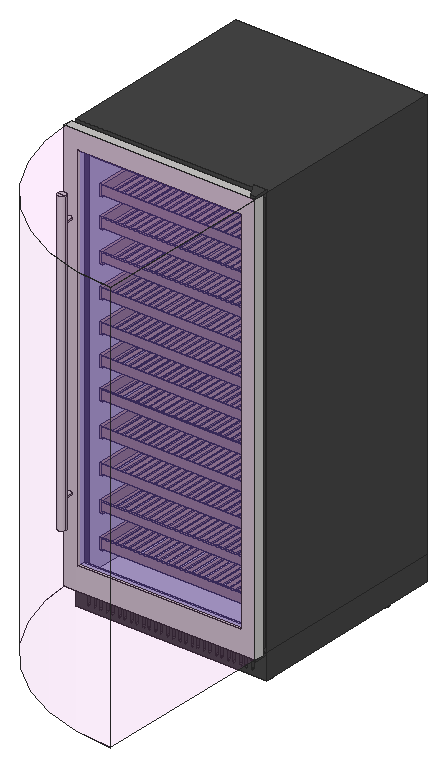
Revit family "QF_Summit_SWC1127B_Bottle_Wine_Cellar_For_Built_In", category Specialty Equipment, Revit 2020 (continued)
Definition of nested family "SWC1127B"
  Forms (in)
    Extrusion 177, solid
      sketch origin (-7.74463, -23.24324, 48) x (1, 0, 0) y (0, 0, 1)
        loop
          line (20.08575, -8.54897) -> (20.58575, -8.54897) -> (20.58575, -8.47614) -> (20.08575, -8.47614) -> (20.08575, -8.54897)
      from 0 to -13.34766
    Extrusion 178, solid
      sketch origin (-7.74463, -23.24324, 48) x (1, 0, 0) y (0, 0, 1)
        loop
          line (20.08575, -12.48647) -> (20.58575, -12.48647) -> (20.58575, -12.41364) -> (20.08575, -12.41364) -> (20.08575, -12.48647)
      from 0 to -13.34766
    Extrusion 179, solid
      sketch origin (-7.74463, -23.24324, 48) x (1, 0, 0) y (0, 0, 1)
        loop
          line (20.08575, -16.36235) -> (20.58575, -16.36235) -> (20.58575, -16.28951) -> (20.08575, -16.28951) -> (20.08575, -16.36235)
      from 0 to -13.34766
    Extrusion 180, solid
      sketch origin (-7.74463, -23.24324, 48) x (1, 0, 0) y (0, 0, 1)
        loop
          line (20.08575, -20.01838) -> (20.58575, -20.01838) -> (20.58575, -19.94555) -> (20.08575, -19.94555) -> (20.08575, -20.01838)
      from 0 to -13.34766
    Extrusion 181, solid
      sketch origin (-7.74463, -23.24324, 48) x (1, 0, 0) y (0, 0, 1)
        loop
          line (20.08575, -23.76838) -> (20.58575, -23.76838) -> (20.58575, -23.69555) -> (20.08575, -23.69555) -> (20.08575, -23.76838)
      from 0 to -13.34766
    Extrusion 182, solid
      sketch origin (-7.74463, -23.24324, 48) x (1, 0, 0) y (0, 0, 1)
        loop
          line (20.08575, -27.89338) -> (20.58575, -27.89338) -> (20.58575, -27.82055) -> (20.08575, -27.82055) -> (20.08575, -27.89338)
      from 0 to -13.34766
    Extrusion 183, solid
      sketch origin (-7.74463, -23.24324, 48) x (1, 0, 0) y (0, 0, 1)
        loop
          line (20.08575, -32.01838) -> (20.58575, -32.01838) -> (20.58575, -31.94555) -> (20.08575, -31.94555) -> (20.08575, -32.01838)
      from 0 to -13.34766
    Extrusion 184, solid
      sketch origin (-7.74463, -23.24324, 48) x (1, 0, 0) y (0, 0, 1)
        loop
          line (20.08575, -36.14426) -> (20.58575, -36.14426) -> (20.58575, -36.07142) -> (20.08575, -36.07142) -> (20.08575, -36.14426)
      from 0 to -13.34766
    Extrusion 185, solid
      sketch origin (-7.74463, -23.24324, 48) x (1, 0, 0) y (0, 0, 1)
        loop
          line (20.08575, -40.14426) -> (20.58575, -40.14426) -> (20.58575, -40.07142) -> (20.08575, -40.07142) -> (20.08575, -40.14426)
      from 0 to -13.34766
    Extrusion 186, solid
      sketch origin (-6.96268, -23.24324, 48) x (1, 0, 0) y (0, 0, 1)
        loop
          line (20.08575, -4.67397) -> (20.58575, -4.67397) -> (20.58575, -4.60114) -> (20.08575, -4.60114) -> (20.08575, -4.67397)
      from 0 to -13.34917
    Extrusion 187, solid
      sketch origin (-6.96268, -23.24324, 48) x (1, 0, 0) y (0, 0, 1)
        loop
          line (20.08575, -8.54897) -> (20.58575, -8.54897) -> (20.58575, -8.47614) -> (20.08575, -8.47614) -> (20.08575, -8.54897)
      from 0 to -13.34766
    Extrusion 188, solid
      sketch origin (-6.96268, -23.24324, 48) x (1, 0, 0) y (0, 0, 1)
        loop
          line (20.08575, -12.48647) -> (20.58575, -12.48647) -> (20.58575, -12.41364) -> (20.08575, -12.41364) -> (20.08575, -12.48647)
      from 0 to -13.34766
    Extrusion 189, solid
      sketch origin (-6.96268, -23.24324, 48) x (1, 0, 0) y (0, 0, 1)
        loop
          line (20.08575, -16.36235) -> (20.58575, -16.36235) -> (20.58575, -16.28951) -> (20.08575, -16.28951) -> (20.08575, -16.36235)
      from 0 to -13.34766
    Extrusion 190, solid
      sketch origin (-6.96268, -23.24324, 48) x (1, 0, 0) y (0, 0, 1)
        loop
          line (20.08575, -20.01838) -> (20.58575, -20.01838) -> (20.58575, -19.94555) -> (20.08575, -19.94555) -> (20.08575, -20.01838)
      from 0 to -13.34766
    Extrusion 191, solid
      sketch origin (-6.96268, -23.24324, 48) x (1, 0, 0) y (0, 0, 1)
        loop
          line (20.08575, -23.76838) -> (20.58575, -23.76838) -> (20.58575, -23.69555) -> (20.08575, -23.69555) -> (20.08575, -23.76838)
      from 0 to -13.34766
    Extrusion 192, solid
      sketch origin (-6.96268, -23.24324, 48) x (1, 0, 0) y (0, 0, 1)
        loop
          line (20.08575, -27.89338) -> (20.58575, -27.89338) -> (20.58575, -27.82055) -> (20.08575, -27.82055) -> (20.08575, -27.89338)
      from 0 to -13.34766
    Extrusion 193, solid
      sketch origin (-6.96268, -23.24324, 48) x (1, 0, 0) y (0, 0, 1)
        loop
          line (20.08575, -32.01838) -> (20.58575, -32.01838) -> (20.58575, -31.94555) -> (20.08575, -31.94555) -> (20.08575, -32.01838)
      from 0 to -13.34766
    Extrusion 194, solid
      sketch origin (-6.96268, -23.24324, 48) x (1, 0, 0) y (0, 0, 1)
        loop
          line (20.08575, -36.14426) -> (20.58575, -36.14426) -> (20.58575, -36.07142) -> (20.08575, -36.07142) -> (20.08575, -36.14426)
      from 0 to -13.34766
    Extrusion 195, solid
      sketch origin (-6.96268, -23.24324, 48) x (1, 0, 0) y (0, 0, 1)
        loop
          line (20.08575, -40.14426) -> (20.58575, -40.14426) -> (20.58575, -40.07142) -> (20.08575, -40.07142) -> (20.08575, -40.14426)
      from 0 to -13.34766
    Extrusion 196, solid
      sketch origin (-6.18074, -23.24324, 48) x (1, 0, 0) y (0, 0, 1)
        loop
          line (20.08575, -4.67397) -> (20.58575, -4.67397) -> (20.58575, -4.60114) -> (20.08575, -4.60114) -> (20.08575, -4.67397)
      from 0 to -13.34917
    Extrusion 197, solid
      sketch origin (-6.18074, -23.24324, 48) x (1, 0, 0) y (0, 0, 1)
        loop
          line (20.08575, -8.54897) -> (20.58575, -8.54897) -> (20.58575, -8.47614) -> (20.08575, -8.47614) -> (20.08575, -8.54897)
      from 0 to -13.34766
    Extrusion 198, solid
      sketch origin (-6.18074, -23.24324, 48) x (1, 0, 0) y (0, 0, 1)
        loop
          line (20.08575, -12.48647) -> (20.58575, -12.48647) -> (20.58575, -12.41364) -> (20.08575, -12.41364) -> (20.08575, -12.48647)
      from 0 to -13.34766
    Extrusion 199, solid
      sketch origin (-6.18074, -23.24324, 48) x (1, 0, 0) y (0, 0, 1)
        loop
          line (20.08575, -16.36235) -> (20.58575, -16.36235) -> (20.58575, -16.28951) -> (20.08575, -16.28951) -> (20.08575, -16.36235)
      from 0 to -13.34766
    Extrusion 200, solid
      sketch origin (-6.18074, -23.24324, 48) x (1, 0, 0) y (0, 0, 1)
        loop
          line (20.08575, -20.01838) -> (20.58575, -20.01838) -> (20.58575, -19.94555) -> (20.08575, -19.94555) -> (20.08575, -20.01838)
      from 0 to -13.34766
    Extrusion 201, solid
      sketch origin (-6.18074, -23.24324, 48) x (1, 0, 0) y (0, 0, 1)
        loop
          line (20.08575, -23.76838) -> (20.58575, -23.76838) -> (20.58575, -23.69555) -> (20.08575, -23.69555) -> (20.08575, -23.76838)
      from 0 to -13.34766
    Extrusion 202, solid
      sketch origin (-6.18074, -23.24324, 48) x (1, 0, 0) y (0, 0, 1)
        loop
          line (20.08575, -27.89338) -> (20.58575, -27.89338) -> (20.58575, -27.82055) -> (20.08575, -27.82055) -> (20.08575, -27.89338)
      from 0 to -13.34766
    Extrusion 203, solid
      sketch origin (-6.18074, -23.24324, 48) x (1, 0, 0) y (0, 0, 1)
        loop
          line (20.08575, -32.01838) -> (20.58575, -32.01838) -> (20.58575, -31.94555) -> (20.08575, -31.94555) -> (20.08575, -32.01838)
      from 0 to -13.34766
    Extrusion 204, solid
      sketch origin (-6.18074, -23.24324, 48) x (1, 0, 0) y (0, 0, 1)
        loop
          line (20.08575, -36.14426) -> (20.58575, -36.14426) -> (20.58575, -36.07142) -> (20.08575, -36.07142) -> (20.08575, -36.14426)
      from 0 to -13.34766
    Extrusion 205, solid
      sketch origin (-6.18074, -23.24324, 48) x (1, 0, 0) y (0, 0, 1)
        loop
          line (20.08575, -40.14426) -> (20.58575, -40.14426) -> (20.58575, -40.07142) -> (20.08575, -40.07142) -> (20.08575, -40.14426)
      from 0 to -13.34766
    Extrusion 206, solid
      sketch origin (-5.3988, -23.24324, 48) x (1, 0, 0) y (0, 0, 1)
        loop
          line (20.08575, -4.67397) -> (20.58575, -4.67397) -> (20.58575, -4.60114) -> (20.08575, -4.60114) -> (20.08575, -4.67397)
      from 0 to -13.34917
    Extrusion 207, solid
      sketch origin (-5.3988, -23.24324, 48) x (1, 0, 0) y (0, 0, 1)
        loop
          line (20.08575, -8.54897) -> (20.58575, -8.54897) -> (20.58575, -8.47614) -> (20.08575, -8.47614) -> (20.08575, -8.54897)
      from 0 to -13.34766
    Extrusion 208, solid
      sketch origin (-5.3988, -23.24324, 48) x (1, 0, 0) y (0, 0, 1)
        loop
          line (20.08575, -12.48647) -> (20.58575, -12.48647) -> (20.58575, -12.41364) -> (20.08575, -12.41364) -> (20.08575, -12.48647)
      from 0 to -13.34766
    Extrusion 209, solid
      sketch origin (-5.3988, -23.24324, 48) x (1, 0, 0) y (0, 0, 1)
        loop
          line (20.08575, -16.36235) -> (20.58575, -16.36235) -> (20.58575, -16.28951) -> (20.08575, -16.28951) -> (20.08575, -16.36235)
      from 0 to -13.34766
    Extrusion 210, solid
      sketch origin (-5.3988, -23.24324, 48) x (1, 0, 0) y (0, 0, 1)
        loop
          line (20.08575, -20.01838) -> (20.58575, -20.01838) -> (20.58575, -19.94555) -> (20.08575, -19.94555) -> (20.08575, -20.01838)
      from 0 to -13.34766
    Extrusion 211, solid
      sketch origin (-5.3988, -23.24324, 48) x (1, 0, 0) y (0, 0, 1)
        loop
          line (20.08575, -23.76838) -> (20.58575, -23.76838) -> (20.58575, -23.69555) -> (20.08575, -23.69555) -> (20.08575, -23.76838)
      from 0 to -13.34766
    Extrusion 212, solid
      sketch origin (-5.3988, -23.24324, 48) x (1, 0, 0) y (0, 0, 1)
        loop
          line (20.08575, -27.89338) -> (20.58575, -27.89338) -> (20.58575, -27.82055) -> (20.08575, -27.82055) -> (20.08575, -27.89338)
      from 0 to -13.34766
    Extrusion 213, solid
      sketch origin (-5.3988, -23.24324, 48) x (1, 0, 0) y (0, 0, 1)
        loop
          line (20.08575, -32.01838) -> (20.58575, -32.01838) -> (20.58575, -31.94555) -> (20.08575, -31.94555) -> (20.08575, -32.01838)
      from 0 to -13.34766
    Extrusion 214, solid
      sketch origin (-5.3988, -23.24324, 48) x (1, 0, 0) y (0, 0, 1)
        loop
          line (20.08575, -36.14426) -> (20.58575, -36.14426) -> (20.58575, -36.07142) -> (20.08575, -36.07142) -> (20.08575, -36.14426)
      from 0 to -13.34766
    Extrusion 215, solid
      sketch origin (-5.3988, -23.24324, 48) x (1, 0, 0) y (0, 0, 1)
        loop
          line (20.08575, -40.14426) -> (20.58575, -40.14426) -> (20.58575, -40.07142) -> (20.08575, -40.07142) -> (20.08575, -40.14426)
      from 0 to -13.34766
    Extrusion 216, solid
      sketch origin (-4.61685, -23.24324, 48) x (1, 0, 0) y (0, 0, 1)
        loop
          line (20.08575, -4.67397) -> (20.58575, -4.67397) -> (20.58575, -4.60114) -> (20.08575, -4.60114) -> (20.08575, -4.67397)
      from 0 to -13.34917
    Extrusion 217, solid
      sketch origin (-4.61685, -23.24324, 48) x (1, 0, 0) y (0, 0, 1)
        loop
          line (20.08575, -8.54897) -> (20.58575, -8.54897) -> (20.58575, -8.47614) -> (20.08575, -8.47614) -> (20.08575, -8.54897)
      from 0 to -13.34766
    Extrusion 218, solid
      sketch origin (-4.61685, -23.24324, 48) x (1, 0, 0) y (0, 0, 1)
        loop
          line (20.08575, -12.48647) -> (20.58575, -12.48647) -> (20.58575, -12.41364) -> (20.08575, -12.41364) -> (20.08575, -12.48647)
      from 0 to -13.34766
    Extrusion 219, solid
      sketch origin (-4.61685, -23.24324, 48) x (1, 0, 0) y (0, 0, 1)
        loop
          line (20.08575, -16.36235) -> (20.58575, -16.36235) -> (20.58575, -16.28951) -> (20.08575, -16.28951) -> (20.08575, -16.36235)
      from 0 to -13.34766
    Extrusion 220, solid
      sketch origin (-4.61685, -23.24324, 48) x (1, 0, 0) y (0, 0, 1)
        loop
          line (20.08575, -20.01838) -> (20.58575, -20.01838) -> (20.58575, -19.94555) -> (20.08575, -19.94555) -> (20.08575, -20.01838)
      from 0 to -13.34766
    Extrusion 221, solid
      sketch origin (-4.61685, -23.24324, 48) x (1, 0, 0) y (0, 0, 1)
        loop
          line (20.08575, -23.76838) -> (20.58575, -23.76838) -> (20.58575, -23.69555) -> (20.08575, -23.69555) -> (20.08575, -23.76838)
      from 0 to -13.34766
    Extrusion 222, solid
      sketch origin (-4.61685, -23.24324, 48) x (1, 0, 0) y (0, 0, 1)
        loop
          line (20.08575, -27.89338) -> (20.58575, -27.89338) -> (20.58575, -27.82055) -> (20.08575, -27.82055) -> (20.08575, -27.89338)
      from 0 to -13.34766
    Extrusion 223, solid
      sketch origin (-4.61685, -23.24324, 48) x (1, 0, 0) y (0, 0, 1)
        loop
          line (20.08575, -32.01838) -> (20.58575, -32.01838) -> (20.58575, -31.94555) -> (20.08575, -31.94555) -> (20.08575, -32.01838)
      from 0 to -13.34766
    Extrusion 224, solid
      sketch origin (-4.61685, -23.24324, 48) x (1, 0, 0) y (0, 0, 1)
        loop
          line (20.08575, -36.14426) -> (20.58575, -36.14426) -> (20.58575, -36.07142) -> (20.08575, -36.07142) -> (20.08575, -36.14426)
      from 0 to -13.34766
    Extrusion 225, solid
      sketch origin (-4.61685, -23.24324, 48) x (1, 0, 0) y (0, 0, 1)
        loop
          line (20.08575, -40.14426) -> (20.58575, -40.14426) -> (20.58575, -40.07142) -> (20.08575, -40.07142) -> (20.08575, -40.14426)
      from 0 to -13.34766
    Extrusion 226, solid
      sketch origin (-3.83491, -23.24324, 48) x (1, 0, 0) y (0, 0, 1)
        loop
          line (20.08575, -4.67397) -> (20.58575, -4.67397) -> (20.58575, -4.60114) -> (20.08575, -4.60114) -> (20.08575, -4.67397)
      from 0 to -13.34917
    Extrusion 227, solid
      sketch origin (-3.83491, -23.24324, 48) x (1, 0, 0) y (0, 0, 1)
        loop
          line (20.08575, -8.54897) -> (20.58575, -8.54897) -> (20.58575, -8.47614) -> (20.08575, -8.47614) -> (20.08575, -8.54897)
      from 0 to -13.34766
    Extrusion 228, solid
      sketch origin (-3.83491, -23.24324, 48) x (1, 0, 0) y (0, 0, 1)
        loop
          line (20.08575, -12.48647) -> (20.58575, -12.48647) -> (20.58575, -12.41364) -> (20.08575, -12.41364) -> (20.08575, -12.48647)
      from 0 to -13.34766
    Extrusion 229, solid
      sketch origin (-3.83491, -23.24324, 48) x (1, 0, 0) y (0, 0, 1)
        loop
          line (20.08575, -16.36235) -> (20.58575, -16.36235) -> (20.58575, -16.28951) -> (20.08575, -16.28951) -> (20.08575, -16.36235)
      from 0 to -13.34766
    Extrusion 230, solid
      sketch origin (-3.83491, -23.24324, 48) x (1, 0, 0) y (0, 0, 1)
        loop
          line (20.08575, -20.01838) -> (20.58575, -20.01838) -> (20.58575, -19.94555) -> (20.08575, -19.94555) -> (20.08575, -20.01838)
      from 0 to -13.34766
    Extrusion 231, solid
      sketch origin (-3.83491, -23.24324, 48) x (1, 0, 0) y (0, 0, 1)
        loop
          line (20.08575, -23.76838) -> (20.58575, -23.76838) -> (20.58575, -23.69555) -> (20.08575, -23.69555) -> (20.08575, -23.76838)
      from 0 to -13.34766
    Extrusion 232, solid
      sketch origin (-3.83491, -23.24324, 48) x (1, 0, 0) y (0, 0, 1)
        loop
          line (20.08575, -27.89338) -> (20.58575, -27.89338) -> (20.58575, -27.82055) -> (20.08575, -27.82055) -> (20.08575, -27.89338)
      from 0 to -13.34766
    Extrusion 233, solid
      sketch origin (-3.83491, -23.24324, 48) x (1, 0, 0) y (0, 0, 1)
        loop
          line (20.08575, -32.01838) -> (20.58575, -32.01838) -> (20.58575, -31.94555) -> (20.08575, -31.94555) -> (20.08575, -32.01838)
      from 0 to -13.34766
    Extrusion 234, solid
      sketch origin (-3.83491, -23.24324, 48) x (1, 0, 0) y (0, 0, 1)
        loop
          line (20.08575, -36.14426) -> (20.58575, -36.14426) -> (20.58575, -36.07142) -> (20.08575, -36.07142) -> (20.08575, -36.14426)
      from 0 to -13.34766
    Extrusion 235, solid
      sketch origin (-3.83491, -23.24324, 48) x (1, 0, 0) y (0, 0, 1)
        loop
          line (20.08575, -40.14426) -> (20.58575, -40.14426) -> (20.58575, -40.07142) -> (20.08575, -40.07142) -> (20.08575, -40.14426)
      from 0 to -13.34766
    Extrusion 236, solid
      sketch origin (-3.05297, -23.24324, 48) x (1, 0, 0) y (0, 0, 1)
        loop
          line (20.08575, -4.67397) -> (20.58575, -4.67397) -> (20.58575, -4.60114) -> (20.08575, -4.60114) -> (20.08575, -4.67397)
      from 0 to -13.34917
    Extrusion 237, solid
      sketch origin (-3.05297, -23.24324, 48) x (1, 0, 0) y (0, 0, 1)
        loop
          line (20.08575, -8.54897) -> (20.58575, -8.54897) -> (20.58575, -8.47614) -> (20.08575, -8.47614) -> (20.08575, -8.54897)
      from 0 to -13.34766
    Extrusion 238, solid
      sketch origin (-3.05297, -23.24324, 48) x (1, 0, 0) y (0, 0, 1)
        loop
          line (20.08575, -12.48647) -> (20.58575, -12.48647) -> (20.58575, -12.41364) -> (20.08575, -12.41364) -> (20.08575, -12.48647)
      from 0 to -13.34766
    Extrusion 239, solid
      sketch origin (-3.05297, -23.24324, 48) x (1, 0, 0) y (0, 0, 1)
        loop
          line (20.08575, -16.36235) -> (20.58575, -16.36235) -> (20.58575, -16.28951) -> (20.08575, -16.28951) -> (20.08575, -16.36235)
      from 0 to -13.34766
    Extrusion 240, solid
      sketch origin (-3.05297, -23.24324, 48) x (1, 0, 0) y (0, 0, 1)
        loop
          line (20.08575, -20.01838) -> (20.58575, -20.01838) -> (20.58575, -19.94555) -> (20.08575, -19.94555) -> (20.08575, -20.01838)
      from 0 to -13.34766
    Extrusion 241, solid
      sketch origin (-3.05297, -23.24324, 48) x (1, 0, 0) y (0, 0, 1)
        loop
          line (20.08575, -23.76838) -> (20.58575, -23.76838) -> (20.58575, -23.69555) -> (20.08575, -23.69555) -> (20.08575, -23.76838)
      from 0 to -13.34766
    Extrusion 242, solid
      sketch origin (-3.05297, -23.24324, 48) x (1, 0, 0) y (0, 0, 1)
        loop
          line (20.08575, -27.89338) -> (20.58575, -27.89338) -> (20.58575, -27.82055) -> (20.08575, -27.82055) -> (20.08575, -27.89338)
      from 0 to -13.34766
    Extrusion 243, solid
      sketch origin (-3.05297, -23.24324, 48) x (1, 0, 0) y (0, 0, 1)
        loop
          line (20.08575, -32.01838) -> (20.58575, -32.01838) -> (20.58575, -31.94555) -> (20.08575, -31.94555) -> (20.08575, -32.01838)
      from 0 to -13.34766
    Extrusion 244, solid
      sketch origin (-3.05297, -23.24324, 48) x (1, 0, 0) y (0, 0, 1)
        loop
          line (20.08575, -36.14426) -> (20.58575, -36.14426) -> (20.58575, -36.07142) -> (20.08575, -36.07142) -> (20.08575, -36.14426)
      from 0 to -13.34766
    Extrusion 245, solid
      sketch origin (-3.05297, -23.24324, 48) x (1, 0, 0) y (0, 0, 1)
        loop
          line (20.08575, -40.14426) -> (20.58575, -40.14426) -> (20.58575, -40.07142) -> (20.08575, -40.07142) -> (20.08575, -40.14426)
      from 0 to -13.34766
    Extrusion 246, solid
      sketch origin (-2.27102, -23.24324, 48) x (1, 0, 0) y (0, 0, 1)
        loop
          line (20.08575, -4.67397) -> (20.58575, -4.67397) -> (20.58575, -4.60114) -> (20.08575, -4.60114) -> (20.08575, -4.67397)
      from 0 to -13.34917
    Extrusion 247, solid
      sketch origin (-2.27102, -23.24324, 48) x (1, 0, 0) y (0, 0, 1)
        loop
          line (20.08575, -8.54897) -> (20.58575, -8.54897) -> (20.58575, -8.47614) -> (20.08575, -8.47614) -> (20.08575, -8.54897)
      from 0 to -13.34766
    Extrusion 248, solid
      sketch origin (-2.27102, -23.24324, 48) x (1, 0, 0) y (0, 0, 1)
        loop
          line (20.08575, -12.48647) -> (20.58575, -12.48647) -> (20.58575, -12.41364) -> (20.08575, -12.41364) -> (20.08575, -12.48647)
      from 0 to -13.34766
    Extrusion 249, solid
      sketch origin (-2.27102, -23.24324, 48) x (1, 0, 0) y (0, 0, 1)
        loop
          line (20.08575, -16.36235) -> (20.58575, -16.36235) -> (20.58575, -16.28951) -> (20.08575, -16.28951) -> (20.08575, -16.36235)
      from 0 to -13.34766
    Extrusion 250, solid
      sketch origin (-2.27102, -23.24324, 48) x (1, 0, 0) y (0, 0, 1)
        loop
          line (20.08575, -20.01838) -> (20.58575, -20.01838) -> (20.58575, -19.94555) -> (20.08575, -19.94555) -> (20.08575, -20.01838)
      from 0 to -13.34766
    Extrusion 251, solid
      sketch origin (-2.27102, -23.24324, 48) x (1, 0, 0) y (0, 0, 1)
        loop
          line (20.08575, -23.76838) -> (20.58575, -23.76838) -> (20.58575, -23.69555) -> (20.08575, -23.69555) -> (20.08575, -23.76838)
      from 0 to -13.34766
    Extrusion 252, solid
      sketch origin (-2.27102, -23.24324, 48) x (1, 0, 0) y (0, 0, 1)
        loop
          line (20.08575, -27.89338) -> (20.58575, -27.89338) -> (20.58575, -27.82055) -> (20.08575, -27.82055) -> (20.08575, -27.89338)
      from 0 to -13.34766
    Extrusion 253, solid
      sketch origin (-2.27102, -23.24324, 48) x (1, 0, 0) y (0, 0, 1)
        loop
          line (20.08575, -32.01838) -> (20.58575, -32.01838) -> (20.58575, -31.94555) -> (20.08575, -31.94555) -> (20.08575, -32.01838)
      from 0 to -13.34766
    Extrusion 254, solid
      sketch origin (-2.27102, -23.24324, 48) x (1, 0, 0) y (0, 0, 1)
        loop
          line (20.08575, -36.14426) -> (20.58575, -36.14426) -> (20.58575, -36.07142) -> (20.08575, -36.07142) -> (20.08575, -36.14426)
      from 0 to -13.34766
    Extrusion 255, solid
      sketch origin (-2.27102, -23.24324, 48) x (1, 0, 0) y (0, 0, 1)
        loop
          line (20.08575, -40.14426) -> (20.58575, -40.14426) -> (20.58575, -40.07142) -> (20.08575, -40.07142) -> (20.08575, -40.14426)
      from 0 to -13.34766
    Extrusion 256, solid
      sketch origin (-1.48908, -23.24324, 48) x (1, 0, 0) y (0, 0, 1)
        loop
          line (20.08575, -4.67397) -> (20.58575, -4.67397) -> (20.58575, -4.60114) -> (20.08575, -4.60114) -> (20.08575, -4.67397)
      from 0 to -13.34917
    Extrusion 257, solid
      sketch origin (-1.48908, -23.24324, 48) x (1, 0, 0) y (0, 0, 1)
        loop
          line (20.08575, -8.54897) -> (20.58575, -8.54897) -> (20.58575, -8.47614) -> (20.08575, -8.47614) -> (20.08575, -8.54897)
      from 0 to -13.34766
    Extrusion 258, solid
      sketch origin (-1.48908, -23.24324, 48) x (1, 0, 0) y (0, 0, 1)
        loop
          line (20.08575, -12.48647) -> (20.58575, -12.48647) -> (20.58575, -12.41364) -> (20.08575, -12.41364) -> (20.08575, -12.48647)
      from 0 to -13.34766
    Extrusion 259, solid
      sketch origin (-1.48908, -23.24324, 48) x (1, 0, 0) y (0, 0, 1)
        loop
          line (20.08575, -16.36235) -> (20.58575, -16.36235) -> (20.58575, -16.28951) -> (20.08575, -16.28951) -> (20.08575, -16.36235)
      from 0 to -13.34766
    Extrusion 260, solid
      sketch origin (-1.48908, -23.24324, 48) x (1, 0, 0) y (0, 0, 1)
        loop
          line (20.08575, -20.01838) -> (20.58575, -20.01838) -> (20.58575, -19.94555) -> (20.08575, -19.94555) -> (20.08575, -20.01838)
      from 0 to -13.34766
    Extrusion 261, solid
      sketch origin (-1.48908, -23.24324, 48) x (1, 0, 0) y (0, 0, 1)
        loop
          line (20.08575, -23.76838) -> (20.58575, -23.76838) -> (20.58575, -23.69555) -> (20.08575, -23.69555) -> (20.08575, -23.76838)
      from 0 to -13.34766
    Extrusion 262, solid
      sketch origin (-1.48908, -23.24324, 48) x (1, 0, 0) y (0, 0, 1)
        loop
          line (20.08575, -27.89338) -> (20.58575, -27.89338) -> (20.58575, -27.82055) -> (20.08575, -27.82055) -> (20.08575, -27.89338)
      from 0 to -13.34766
    Extrusion 263, solid
      sketch origin (-1.48908, -23.24324, 48) x (1, 0, 0) y (0, 0, 1)
        loop
          line (20.08575, -32.01838) -> (20.58575, -32.01838) -> (20.58575, -31.94555) -> (20.08575, -31.94555) -> (20.08575, -32.01838)
      from 0 to -13.34766
    Extrusion 264, solid
      sketch origin (-1.48908, -23.24324, 48) x (1, 0, 0) y (0, 0, 1)
        loop
          line (20.08575, -36.14426) -> (20.58575, -36.14426) -> (20.58575, -36.07142) -> (20.08575, -36.07142) -> (20.08575, -36.14426)
      from 0 to -13.34766
    Extrusion 265, solid
      sketch origin (-1.48908, -23.24324, 48) x (1, 0, 0) y (0, 0, 1)
        loop
          line (20.08575, -40.14426) -> (20.58575, -40.14426) -> (20.58575, -40.07142) -> (20.08575, -40.07142) -> (20.08575, -40.14426)
      from 0 to -13.34766
    Extrusion 266, solid
      sketch origin (-0.70714, -23.24324, 48) x (1, 0, 0) y (0, 0, 1)
        loop
          line (20.08575, -4.67397) -> (20.58575, -4.67397) -> (20.58575, -4.60114) -> (20.08575, -4.60114) -> (20.08575, -4.67397)
      from 0 to -13.34917
    Extrusion 267, solid
      sketch origin (-0.70714, -23.24324, 48) x (1, 0, 0) y (0, 0, 1)
        loop
          line (20.08575, -8.54897) -> (20.58575, -8.54897) -> (20.58575, -8.47614) -> (20.08575, -8.47614) -> (20.08575, -8.54897)
      from 0 to -13.34766
    Extrusion 268, solid
      sketch origin (-0.70714, -23.24324, 48) x (1, 0, 0) y (0, 0, 1)
        loop
          line (20.08575, -12.48647) -> (20.58575, -12.48647) -> (20.58575, -12.41364) -> (20.08575, -12.41364) -> (20.08575, -12.48647)
      from 0 to -13.34766
    Extrusion 269, solid
      sketch origin (-0.70714, -23.24324, 48) x (1, 0, 0) y (0, 0, 1)
        loop
          line (20.08575, -16.36235) -> (20.58575, -16.36235) -> (20.58575, -16.28951) -> (20.08575, -16.28951) -> (20.08575, -16.36235)
      from 0 to -13.34766
    Extrusion 270, solid
      sketch origin (-0.70714, -23.24324, 48) x (1, 0, 0) y (0, 0, 1)
        loop
          line (20.08575, -20.01838) -> (20.58575, -20.01838) -> (20.58575, -19.94555) -> (20.08575, -19.94555) -> (20.08575, -20.01838)
      from 0 to -13.34766
    Extrusion 271, solid
      sketch origin (-0.70714, -23.24324, 48) x (1, 0, 0) y (0, 0, 1)
        loop
          line (20.08575, -23.76838) -> (20.58575, -23.76838) -> (20.58575, -23.69555) -> (20.08575, -23.69555) -> (20.08575, -23.76838)
      from 0 to -13.34766
    Extrusion 272, solid
      sketch origin (-0.70714, -23.24324, 48) x (1, 0, 0) y (0, 0, 1)
        loop
          line (20.08575, -27.89338) -> (20.58575, -27.89338) -> (20.58575, -27.82055) -> (20.08575, -27.82055) -> (20.08575, -27.89338)
      from 0 to -13.34766
    Extrusion 273, solid
      sketch origin (-0.70714, -23.24324, 48) x (1, 0, 0) y (0, 0, 1)
        loop
          line (20.08575, -32.01838) -> (20.58575, -32.01838) -> (20.58575, -31.94555) -> (20.08575, -31.94555) -> (20.08575, -32.01838)
      from 0 to -13.34766
    Extrusion 274, solid
      sketch origin (-0.70714, -23.24324, 48) x (1, 0, 0) y (0, 0, 1)
        loop
          line (20.08575, -36.14426) -> (20.58575, -36.14426) -> (20.58575, -36.07142) -> (20.08575, -36.07142) -> (20.08575, -36.14426)
      from 0 to -13.34766
    Extrusion 275, solid
      sketch origin (-0.70714, -23.24324, 48) x (1, 0, 0) y (0, 0, 1)
        loop
          line (20.08575, -40.14426) -> (20.58575, -40.14426) -> (20.58575, -40.07142) -> (20.08575, -40.07142) -> (20.08575, -40.14426)
      from 0 to -13.34766
    Extrusion 276, solid
      sketch origin (0.07481, -23.24324, 48) x (1, 0, 0) y (0, 0, 1)
        loop
          line (20.08575, -4.67397) -> (20.58575, -4.67397) -> (20.58575, -4.60114) -> (20.08575, -4.60114) -> (20.08575, -4.67397)
      from 0 to -13.34917
    Extrusion 277, solid
      sketch origin (0.07481, -23.24324, 48) x (1, 0, 0) y (0, 0, 1)
        loop
          line (20.08575, -8.54897) -> (20.58575, -8.54897) -> (20.58575, -8.47614) -> (20.08575, -8.47614) -> (20.08575, -8.54897)
      from 0 to -13.34766
    Extrusion 278, solid
      sketch origin (0.07481, -23.24324, 48) x (1, 0, 0) y (0, 0, 1)
        loop
          line (20.08575, -12.48647) -> (20.58575, -12.48647) -> (20.58575, -12.41364) -> (20.08575, -12.41364) -> (20.08575, -12.48647)
      from 0 to -13.34766
    Extrusion 279, solid
      sketch origin (0.07481, -23.24324, 48) x (1, 0, 0) y (0, 0, 1)
        loop
          line (20.08575, -16.36235) -> (20.58575, -16.36235) -> (20.58575, -16.28951) -> (20.08575, -16.28951) -> (20.08575, -16.36235)
      from 0 to -13.34766
    Extrusion 280, solid
      sketch origin (0.07481, -23.24324, 48) x (1, 0, 0) y (0, 0, 1)
        loop
          line (20.08575, -20.01838) -> (20.58575, -20.01838) -> (20.58575, -19.94555) -> (20.08575, -19.94555) -> (20.08575, -20.01838)
      from 0 to -13.34766
    Extrusion 281, solid
      sketch origin (0.07481, -23.24324, 48) x (1, 0, 0) y (0, 0, 1)
        loop
          line (20.08575, -23.76838) -> (20.58575, -23.76838) -> (20.58575, -23.69555) -> (20.08575, -23.69555) -> (20.08575, -23.76838)
      from 0 to -13.34766
    Extrusion 282, solid
      sketch origin (0.07481, -23.24324, 48) x (1, 0, 0) y (0, 0, 1)
        loop
          line (20.08575, -27.89338) -> (20.58575, -27.89338) -> (20.58575, -27.82055) -> (20.08575, -27.82055) -> (20.08575, -27.89338)
      from 0 to -13.34766
    Extrusion 283, solid
      sketch origin (0.07481, -23.24324, 48) x (1, 0, 0) y (0, 0, 1)
        loop
          line (20.08575, -32.01838) -> (20.58575, -32.01838) -> (20.58575, -31.94555) -> (20.08575, -31.94555) -> (20.08575, -32.01838)
      from 0 to -13.34766
    Extrusion 284, solid
      sketch origin (0.07481, -23.24324, 48) x (1, 0, 0) y (0, 0, 1)
        loop
          line (20.08575, -36.14426) -> (20.58575, -36.14426) -> (20.58575, -36.07142) -> (20.08575, -36.07142) -> (20.08575, -36.14426)
      from 0 to -13.34766
    Extrusion 285, solid
      sketch origin (0.07481, -23.24324, 48) x (1, 0, 0) y (0, 0, 1)
        loop
          line (20.08575, -40.14426) -> (20.58575, -40.14426) -> (20.58575, -40.07142) -> (20.08575, -40.07142) -> (20.08575, -40.14426)
      from 0 to -13.34766
    Extrusion 286, solid
      sketch origin (22.05086, -26.5, 6.97271) x (-1, 0, 0) y (0, -1, 0)
        loop
          line (0.10836, -0.82245) -> (20.375, -0.82245) -> (20.375, -0.32245) -> (0.10836, -0.32245) -> (0.10836, -0.82245)
      from 0 to 46.15381
    Extrusion 287, void
      sketch origin (23.63, -24.75, 1.25) x (1, 0, 0) y (0, 0, -1)
        loop
          line (-22.11467, -0.75195) -> (-22.11467, -2.25195)
          arc (-22.11467, -2.25195) -> (-21.94088, -2.42574) -> (-21.76708, -2.25195) r 0.1738
          line (-21.76708, -2.25195) -> (-21.76708, -0.75195)
          arc (-21.76708, -0.75195) -> (-21.94088, -0.57815) -> (-22.11467, -0.75195) r 0.1738
        loop
          line (-21.28362, -0.75195) -> (-21.28362, -2.25195)
          arc (-21.28362, -2.25195) -> (-21.10982, -2.42574) -> (-20.93603, -2.25195) r 0.1738
          line (-20.93603, -2.25195) -> (-20.93603, -0.75195)
          arc (-20.93603, -0.75195) -> (-21.10982, -0.57815) -> (-21.28362, -0.75195) r 0.1738
        loop
          line (-20.61467, -0.75195) -> (-20.61467, -2.25195)
          arc (-20.61467, -2.25195) -> (-20.44088, -2.42574) -> (-20.26708, -2.25195) r 0.1738
          line (-20.26708, -2.25195) -> (-20.26708, -0.75195)
          arc (-20.26708, -0.75195) -> (-20.44088, -0.57815) -> (-20.61467, -0.75195) r 0.1738
        loop
          line (-19.78362, -0.75195) -> (-19.78362, -2.25195)
          arc (-19.78362, -2.25195) -> (-19.60982, -2.42574) -> (-19.43603, -2.25195) r 0.1738
          line (-19.43603, -2.25195) -> (-19.43603, -0.75195)
          arc (-19.43603, -0.75195) -> (-19.60982, -0.57815) -> (-19.78362, -0.75195) r 0.1738
        loop
          line (-19.11467, -0.75195) -> (-19.11467, -2.25195)
          arc (-19.11467, -2.25195) -> (-18.94088, -2.42574) -> (-18.76708, -2.25195) r 0.1738
          line (-18.76708, -2.25195) -> (-18.76708, -0.75195)
          arc (-18.76708, -0.75195) -> (-18.94088, -0.57815) -> (-19.11467, -0.75195) r 0.1738
        loop
          line (-18.28362, -0.75195) -> (-18.28362, -2.25195)
          arc (-18.28362, -2.25195) -> (-18.10982, -2.42574) -> (-17.93603, -2.25195) r 0.1738
          line (-17.93603, -2.25195) -> (-17.93603, -0.75195)
          arc (-17.93603, -0.75195) -> (-18.10982, -0.57815) -> (-18.28362, -0.75195) r 0.1738
        loop
          line (-17.61467, -0.75195) -> (-17.61467, -2.25195)
          arc (-17.61467, -2.25195) -> (-17.44088, -2.42574) -> (-17.26708, -2.25195) r 0.1738
          line (-17.26708, -2.25195) -> (-17.26708, -0.75195)
          arc (-17.26708, -0.75195) -> (-17.44088, -0.57815) -> (-17.61467, -0.75195) r 0.1738
        loop
          line (-16.78362, -0.75195) -> (-16.78362, -2.25195)
          arc (-16.78362, -2.25195) -> (-16.60982, -2.42574) -> (-16.43603, -2.25195) r 0.1738
          line (-16.43603, -2.25195) -> (-16.43603, -0.75195)
          arc (-16.43603, -0.75195) -> (-16.60982, -0.57815) -> (-16.78362, -0.75195) r 0.1738
        loop
          line (-16.11467, -0.75195) -> (-16.11467, -2.25195)
          arc (-16.11467, -2.25195) -> (-15.94088, -2.42574) -> (-15.76708, -2.25195) r 0.1738
          line (-15.76708, -2.25195) -> (-15.76708, -0.75195)
          arc (-15.76708, -0.75195) -> (-15.94088, -0.57815) -> (-16.11467, -0.75195) r 0.1738
        loop
          line (-15.28362, -0.75195) -> (-15.28362, -2.25195)
          arc (-15.28362, -2.25195) -> (-15.10982, -2.42574) -> (-14.93603, -2.25195) r 0.1738
          line (-14.93603, -2.25195) -> (-14.93603, -0.75195)
          arc (-14.93603, -0.75195) -> (-15.10982, -0.57815) -> (-15.28362, -0.75195) r 0.1738
        loop
          line (-14.61467, -0.75195) -> (-14.61467, -2.25195)
          arc (-14.61467, -2.25195) -> (-14.44088, -2.42574) -> (-14.26708, -2.25195) r 0.1738
          line (-14.26708, -2.25195) -> (-14.26708, -0.75195)
          arc (-14.26708, -0.75195) -> (-14.44088, -0.57815) -> (-14.61467, -0.75195) r 0.1738
        loop
          line (-13.78362, -0.75195) -> (-13.78362, -2.25195)
          arc (-13.78362, -2.25195) -> (-13.60982, -2.42574) -> (-13.43603, -2.25195) r 0.1738
          line (-13.43603, -2.25195) -> (-13.43603, -0.75195)
          arc (-13.43603, -0.75195) -> (-13.60982, -0.57815) -> (-13.78362, -0.75195) r 0.1738
        loop
          line (-13.11467, -0.75195) -> (-13.11467, -2.25195)
          arc (-13.11467, -2.25195) -> (-12.94088, -2.42574) -> (-12.76708, -2.25195) r 0.1738
          line (-12.76708, -2.25195) -> (-12.76708, -0.75195)
          arc (-12.76708, -0.75195) -> (-12.94088, -0.57815) -> (-13.11467, -0.75195) r 0.1738
        loop
          line (-12.28362, -0.75195) -> (-12.28362, -2.25195)
          arc (-12.28362, -2.25195) -> (-12.10982, -2.42574) -> (-11.93603, -2.25195) r 0.1738
          line (-11.93603, -2.25195) -> (-11.93603, -0.75195)
          arc (-11.93603, -0.75195) -> (-12.10982, -0.57815) -> (-12.28362, -0.75195) r 0.1738
        loop
          line (-11.61467, -0.75195) -> (-11.61467, -2.25195)
          arc (-11.61467, -2.25195) -> (-11.44088, -2.42574) -> (-11.26708, -2.25195) r 0.1738
          line (-11.26708, -2.25195) -> (-11.26708, -0.75195)
          arc (-11.26708, -0.75195) -> (-11.44088, -0.57815) -> (-11.61467, -0.75195) r 0.1738
        loop
          line (-10.78362, -0.75195) -> (-10.78362, -2.25195)
          arc (-10.78362, -2.25195) -> (-10.60982, -2.42574) -> (-10.43603, -2.25195) r 0.1738
          line (-10.43603, -2.25195) -> (-10.43603, -0.75195)
          arc (-10.43603, -0.75195) -> (-10.60982, -0.57815) -> (-10.78362, -0.75195) r 0.1738
        loop
          line (-10.11467, -0.75195) -> (-10.11467, -2.25195)
          arc (-10.11467, -2.25195) -> (-9.94088, -2.42574) -> (-9.76708, -2.25195) r 0.1738
          line (-9.76708, -2.25195) -> (-9.76708, -0.75195)
          arc (-9.76708, -0.75195) -> (-9.94088, -0.57815) -> (-10.11467, -0.75195) r 0.1738
        loop
          line (-9.28362, -0.75195) -> (-9.28362, -2.25195)
          arc (-9.28362, -2.25195) -> (-9.10982, -2.42574) -> (-8.93603, -2.25195) r 0.1738
          line (-8.93603, -2.25195) -> (-8.93603, -0.75195)
          arc (-8.93603, -0.75195) -> (-9.10982, -0.57815) -> (-9.28362, -0.75195) r 0.1738
        loop
          line (-8.61467, -0.75195) -> (-8.61467, -2.25195)
          arc (-8.61467, -2.25195) -> (-8.44088, -2.42574) -> (-8.26708, -2.25195) r 0.1738
          line (-8.26708, -2.25195) -> (-8.26708, -0.75195)
          arc (-8.26708, -0.75195) -> (-8.44088, -0.57815) -> (-8.61467, -0.75195) r 0.1738
        loop
          line (-7.78362, -0.75195) -> (-7.78362, -2.25195)
          arc (-7.78362, -2.25195) -> (-7.60982, -2.42574) -> (-7.43603, -2.25195) r 0.1738
          line (-7.43603, -2.25195) -> (-7.43603, -0.75195)
          arc (-7.43603, -0.75195) -> (-7.60982, -0.57815) -> (-7.78362, -0.75195) r 0.1738
        loop
          line (-7.11467, -0.75195) -> (-7.11467, -2.25195)
          arc (-7.11467, -2.25195) -> (-6.94088, -2.42574) -> (-6.76708, -2.25195) r 0.1738
          line (-6.76708, -2.25195) -> (-6.76708, -0.75195)
          arc (-6.76708, -0.75195) -> (-6.94088, -0.57815) -> (-7.11467, -0.75195) r 0.1738
        loop
          line (-6.28362, -0.75195) -> (-6.28362, -2.25195)
          arc (-6.28362, -2.25195) -> (-6.10982, -2.42574) -> (-5.93603, -2.25195) r 0.1738
          line (-5.93603, -2.25195) -> (-5.93603, -0.75195)
          arc (-5.93603, -0.75195) -> (-6.10982, -0.57815) -> (-6.28362, -0.75195) r 0.1738
        loop
          line (-5.61467, -0.75195) -> (-5.61467, -2.25195)
          arc (-5.61467, -2.25195) -> (-5.44088, -2.42574) -> (-5.26708, -2.25195) r 0.1738
          line (-5.26708, -2.25195) -> (-5.26708, -0.75195)
          arc (-5.26708, -0.75195) -> (-5.44088, -0.57815) -> (-5.61467, -0.75195) r 0.1738
        loop
          line (-4.78362, -0.75195) -> (-4.78362, -2.25195)
          arc (-4.78362, -2.25195) -> (-4.60982, -2.42574) -> (-4.43603, -2.25195) r 0.1738
          line (-4.43603, -2.25195) -> (-4.43603, -0.75195)
          arc (-4.43603, -0.75195) -> (-4.60982, -0.57815) -> (-4.78362, -0.75195) r 0.1738
        loop
          line (-4.11467, -0.75195) -> (-4.11467, -2.25195)
          arc (-4.11467, -2.25195) -> (-3.94088, -2.42574) -> (-3.76708, -2.25195) r 0.1738
          line (-3.76708, -2.25195) -> (-3.76708, -0.75195)
          arc (-3.76708, -0.75195) -> (-3.94088, -0.57815) -> (-4.11467, -0.75195) r 0.1738
        loop
          line (-3.28362, -0.75195) -> (-3.28362, -2.25195)
          arc (-3.28362, -2.25195) -> (-3.10982, -2.42574) -> (-2.93603, -2.25195) r 0.1738
          line (-2.93603, -2.25195) -> (-2.93603, -0.75195)
          arc (-2.93603, -0.75195) -> (-3.10982, -0.57815) -> (-3.28362, -0.75195) r 0.1738
        loop
          line (-2.61467, -0.75195) -> (-2.61467, -2.25195)
          arc (-2.61467, -2.25195) -> (-2.44088, -2.42574) -> (-2.26708, -2.25195) r 0.1738
          line (-2.26708, -2.25195) -> (-2.26708, -0.75195)
          arc (-2.26708, -0.75195) -> (-2.44088, -0.57815) -> (-2.61467, -0.75195) r 0.1738
        loop
          line (-1.78362, -0.75195) -> (-1.78362, -2.25195)
          arc (-1.78362, -2.25195) -> (-1.60982, -2.42574) -> (-1.43603, -2.25195) r 0.1738
          line (-1.43603, -2.25195) -> (-1.43603, -0.75195)
          arc (-1.43603, -0.75195) -> (-1.60982, -0.57815) -> (-1.78362, -0.75195) r 0.1738
      from 0 to 0.35959
    Extrusion 288, solid, visible <- "Show LHD"
      sketch origin (24.08622, -26.5, 4.25) x (-1, 0, 0) y (0, 0, -1)
        loop
          circle (23.37969, -10.49722) r 0.25
        loop
          circle (23.37969, -40.99722) r 0.25
      from 0 to 1.20656
    Revolve 289, solid, visible <- "Show LHD"
      sketch origin (0.36278, -27.75, 48) x (-1, 0, 0) y (0, 0, 1)
        loop
          line (-0.34375, -36.625) -> (-0.34375, 0.375) -> (-0.84375, 0.375) -> (-0.84375, -36.625) -> (-0.34375, -36.625)
        axis (-0.34375, -36.625) -> (-0.34375, 0.375)
      angle from 0 to 360
    Extrusion 290, solid
      sketch origin (0, -3.68327, 53.0625) x (0, 0, -1) y (1, 0, 0)
        loop
          circle (3.86346, 11.815) r 2.25
        loop
          circle (3.86346, 11.815) r 2.13991
        loop
          circle (3.86346, 11.815) r 2
        loop
          circle (3.86346, 11.815) r 1.8694
        loop
          circle (3.86346, 11.815) r 1.75
        loop
          circle (3.86346, 11.815) r 1.63833
        loop
          circle (3.86346, 11.815) r 1.5
        loop
          circle (3.86346, 11.815) r 1.35348
        loop
          circle (3.86346, 11.815) r 1.16009
        loop
          circle (3.86346, 11.815) r 1
        loop
          circle (3.86346, 11.815) r 0.75
      from 0 to 0.03125
    Extrusion 291, solid
      sketch origin (1.25795, 0, 1.25) x (1, 0, 0) y (0, 0, -1)
        loop
          circle (19.37784, -0.53785) r 0.25
      from 0 to 0.03125
    Extrusion 292, solid
      sketch origin (2.17586, -23.24324, 17.07159) x (0, 0, -1) y (0, 1, 0)
        loop
          line (-29.7316, 7.17459) -> (-29.8566, 7.17459) -> (-29.8566, 6.17459) -> (-29.7316, 6.17459) -> (-29.7316, 7.17459)
        loop
          line (-26.12944, 7.17459) -> (-26.25444, 7.17459) -> (-26.25444, 6.17459) -> (-26.12944, 6.17459) -> (-26.12944, 7.17459)
        loop
          line (-22.25444, 7.17459) -> (-22.37944, 7.17459) -> (-22.37944, 6.17459) -> (-22.25444, 6.17459) -> (-22.25444, 7.17459)
        loop
          line (-18.31694, 7.17459) -> (-18.44194, 7.17459) -> (-18.44194, 6.17459) -> (-18.31694, 6.17459) -> (-18.31694, 7.17459)
        loop
          line (-14.44106, 7.17459) -> (-14.56606, 7.17459) -> (-14.56606, 6.17459) -> (-14.44106, 6.17459) -> (-14.44106, 7.17459)
        loop
          line (-10.78503, 7.17459) -> (-10.91003, 7.17459) -> (-10.91003, 6.17459) -> (-10.78503, 6.17459) -> (-10.78503, 7.17459)
        loop
          line (-7.03503, 7.17459) -> (-7.16003, 7.17459) -> (-7.16003, 6.17459) -> (-7.03503, 6.17459) -> (-7.03503, 7.17459)
        loop
          line (-2.91003, 7.17459) -> (-3.03503, 7.17459) -> (-3.03503, 6.17459) -> (-2.91003, 6.17459) -> (-2.91003, 7.17459)
        loop
          line (1.21497, 7.17459) -> (1.08997, 7.17459) -> (1.08997, 6.17459) -> (1.21497, 6.17459) -> (1.21497, 7.17459)
        loop
          line (5.34085, 7.17459) -> (5.21585, 7.17459) -> (5.21585, 6.17459) -> (5.34085, 6.17459) -> (5.34085, 7.17459)
        loop
          line (9.34085, 7.17459) -> (9.21585, 7.17459) -> (9.21585, 6.17459) -> (9.34085, 6.17459) -> (9.34085, 7.17459)
      from 0 to 19.26664
    Extrusion 293, solid
      sketch origin (23.63, -24.75, 3.125) x (-1, 0, 0) y (0, 0, -1)
        loop
          line (21.95414, -51.607) -> (21.95414, -48.5) -> (1.6875, -48.5) -> (1.6875, -51.607) -> (21.95414, -51.607)
      from -0.24958 to -19.27153
    Extrusion 294, solid
      sketch origin (23.63, -24.50042, 3.125) x (-1, 0, 0) y (0, 0, -1)
        loop
          line (13.375, -49.625) -> (13.375, -48.7363) -> (10.375, -48.7363) -> (10.375, -49.625) -> (13.375, -49.625)
      from 0 to 0.03125
    Extrusion 295, solid
      sketch origin (23.63, -24.50042, 3.3125) x (-1, 0, 0) y (0, 0, -1)
        loop
          circle (14.23459, -49.07524) r 0.40457
        loop
          circle (15.73459, -49.07524) r 0.40457
        loop
          circle (17.23459, -49.07524) r 0.40457
        loop
          circle (9.61214, -49.07524) r 0.40457
        loop
          circle (8.11214, -49.07524) r 0.40457
        loop
          circle (6.61214, -49.07524) r 0.40457
      from 0 to 0.03125
    Extrusion 296, solid, visible <- "Show LHD"
      sketch origin (-5.38661, -180, 55.25) x (-1, 0, 0) y (0, -1, 0)
        loop
          line (-28.94809, -155.412) -> (-27.34143, -155.412) -> (-28.39294, -153.662) -> (-28.94809, -153.662) -> (-28.94809, -155.412)
      from 0 to 0.25
    Extrusion 297, solid
      sketch origin (-5.38661, -180, 4.25) x (0, 1, 0) y (1, 0, 0)
        loop
          line (155.412, 28.94809) -> (153.662, 28.94809) -> (153.662, 28.39294) -> (155.412, 27.34143) -> (155.412, 28.94809)
      from 0 to 0.25
    Extrusion 298, solid, visible <- "Show LHD"
      sketch origin (-5.38661, -180, 4.25) x (1, 0, 0) y (0, -1, 0)
        loop
          line (5.38688, -154.64494) -> (29.01589, -154.64494) -> (29.01589, -131.2499)
          arc (29.01589, -131.2499) -> (12.39017, -138.08809) -> (5.38688, -154.64494) r 23.63017
      from 0 to -51
    Revolve 299, solid
      sketch origin (0, -22.19001, 0) x (1, 0, 0) y (0, 0, 1)
        loop
          line (2, 1.25) -> (2, 0) -> (2.75, 0) -> (2.75, 0.64754) -> (2.5, 0.64754) -> (2.5, 0.89754) -> (2.25, 0.89754) -> (2.25, 1.25) -> (2, 1.25)
        axis (2, 0) -> (2, 1.25)
      angle from 0 to 360
    Revolve 300, solid
      sketch origin (23.63, -22.19001, 0) x (-1, 0, 0) y (0, 0, 1)
        loop
          line (2, 1.25) -> (2, 0) -> (2.75, 0) -> (2.75, 0.64754) -> (2.5, 0.64754) -> (2.5, 0.89754) -> (2.25, 0.89754) -> (2.25, 1.25) -> (2, 1.25)
        axis (2, 0) -> (2, 1.25)
      angle from 0 to 360
    Revolve 301, solid
      sketch origin (0, -4.30999, 0) x (1, 0, 0) y (0, 0, -1)
        loop
          line (2, -1.25) -> (2.25, -1.25) -> (2.25, -0.89754) -> (2.5, -0.89754) -> (2.5, -0.64754) -> (2.75, -0.64754) -> (2.75, 0) -> (2, 0) -> (2, -1.25)
        axis (2, 0) -> (2, -1.25)
      angle from 0 to 360
    Revolve 302, solid
      sketch origin (23.63, -4.30999, 0) x (-1, 0, 0) y (0, 0, 1)
        loop
          line (2, 1.25) -> (2, 0) -> (2.75, 0) -> (2.75, 0.64754) -> (2.5, 0.64754) -> (2.5, 0.89754) -> (2.25, 0.89754) -> (2.25, 1.25) -> (2, 1.25)
        axis (2, 0) -> (2, 1.25)
      angle from 0 to 360
    Extrusion 303, solid, visible <- "Show RHD"
      sketch origin (-0.45694, -26.5, 4.25) x (1, 0, 0) y (0, 0, 1)
        loop
          circle (23.37969, 10.49722) r 0.25
        loop
          circle (23.37969, 40.99722) r 0.25
      from 0 to 1.20656
    Revolve 304, solid, visible <- "Show RHD"
      sketch origin (23.2665, -27.75, 48) x (1, 0, 0) y (0, 0, -1)
        loop
          line (-0.34375, 36.625) -> (-0.84375, 36.625) -> (-0.84375, -0.375) -> (-0.34375, -0.375) -> (-0.34375, 36.625)
        axis (-0.34375, 36.625) -> (-0.34375, -0.375)
      angle from 0 to 360
    Extrusion 305, solid, visible <- "Show RHD"
      sketch origin (29.01589, -180, 4.25) x (1, 0, 0) y (0, -1, 0)
        loop
          arc (-5.38688, -154.64494) -> (-12.39017, -138.08809) -> (-29.01589, -131.2499) r 23.63017
          line (-29.01589, -131.2499) -> (-29.01589, -154.64494) -> (-5.38688, -154.64494)
      from 0 to -51
    Extrusion 306, solid, visible <- "Show RHD"
      sketch origin (29.01661, -180, 55.25) x (1, 0, 0) y (0, 1, 0)
        loop
          line (-28.94809, 155.412) -> (-28.94809, 153.662) -> (-28.39294, 153.662) -> (-27.34143, 155.412) -> (-28.94809, 155.412)
      from 0 to 0.25
  Cuts and joins
    Extrusion 5, Extrusion 287 cuts Extrusion 1
    Extrusion 5, Extrusion 6 cuts Extrusion 2
    joined: Extrusion 2, Extrusion 8
    Extrusion 5 cuts Extrusion 4
    Extrusion 6 cuts Extrusion 3
    joined: Extrusion 288, Revolve 289
  Lines and regions (in)
    Split face 1
      outline origin (23.63, -26.5, 4.25) x (0, 0, 1) y (-1, 0, 0)
        loop
          line (2.72271, 21.95414) -> (0, 23.63)
        loop
          line (2.72271, 1.6875) -> (0, 0)
    Split face 2
      outline origin (23.63, -26.5, 4.25) x (0, 0, 1) y (-1, 0, 0)
        loop
          line (48.87651, 21.95414) -> (51, 23.63)
        loop
          line (48.87651, 1.6875) -> (51, 0)
    symbolic lines
      curve 1: line (0, 0, 0) -> (23.63, 0, 0)
      curve 2: line (0, -24.75, 0) -> (0, 0, 0)
      curve 4: line (23.63, 0, 0) -> (23.63, -24.75, 0)
    symbolic lines, visible <- "Show RHD"
      curve 3: line (23.63, -24.75, 0) -> (23.56148, -24.75, 0)
      curve 5: line (22.05216, -24.75, 0) -> (0, -24.75, 0)
      curve 10: line (23.63, -25.3551, 0) -> (23.56148, -25.3551, 0)
      curve 11: line (23.63, -25.3551, 0) -> (23.63, -26.5, 0)
      curve 12: line (23.63, -26.5, 0) -> (0, -26.5, 0)
      curve 13: line (0, -26.5, 0) -> (0, -25.3551, 0)
      curve 14: line (0, -25.3551, 0) -> (22.41574, -25.3551, 0)
      curve 15: line (0.19887, -25.3551, 0) -> (0.19887, -24.75, 0)
      curve 16: line (0.45653, -27.31699, 0) -> (0.45653, -26.5, 0)
      curve 17: line (0.95653, -27.31699, 0) -> (0.95653, -26.5, 0)
      curve 18: arc (0.20653, -27.75, 0) -> (0.70653, -27.25, 0) -> (1.20653, -27.75, 0) r 0.5
      curve 19: arc (1.20653, -27.75, 0) -> (0.70653, -28.25, 0) -> (0.20653, -27.75, 0) r 0.5
      curve 20: arc (3.26772, -37.11126, 0) -> (0.8621, -31.4477, 0) -> (0.00028, -25.35506, 0) r 23.63017
      curve 21: line (23.63, -25.3551, 0) -> (3.26772, -37.11126, 0)
      curve 24: line (1.67446, -24.588, 0) -> (0.0678, -24.588, 0)
      curve 25: line (0.0678, -24.588, 0) -> (0.0678, -26.338, 0)
      curve 26: line (0.0678, -26.338, 0) -> (0.62295, -26.338, 0)
      curve 27: line (0.62295, -26.338, 0) -> (1.67446, -24.588, 0)
      curve 40: line (22.05216, -24.75, 0) -> (0, -24.75, 0)
      curve 41: line (0, -25.3551, 0) -> (22.41574, -25.3551, 0)
      curve 42: line (0.19959, -25.3551, 0) -> (0.19959, -24.75, 0)
    symbolic lines, visible <- "Show LHD"
      curve 6: line (21.95482, -24.588, 0) -> (23.56148, -24.588, 0)
      curve 7: line (23.56148, -24.588, 0) -> (23.56148, -26.338, 0)
      curve 8: line (23.56148, -26.338, 0) -> (23.00633, -26.338, 0)
      curve 9: line (23.00633, -26.338, 0) -> (21.95482, -24.588, 0)
      curve 22: line (0, -24.75, 0) -> (0.0678, -24.75, 0)
      curve 23: line (1.57712, -24.75, 0) -> (23.63, -24.75, 0)
      curve 28: line (-0.00072, -25.3551, 0) -> (0.0678, -25.3551, 0)
      curve 29: line (-0.00072, -25.3551, 0) -> (-0.00072, -26.5, 0)
      curve 30: line (-0.00072, -26.5, 0) -> (23.62928, -26.5, 0)
      curve 31: line (23.62928, -26.5, 0) -> (23.62928, -25.3551, 0)
      curve 32: line (23.62928, -25.3551, 0) -> (1.21354, -25.3551, 0)
      curve 33: line (23.43041, -25.3551, 0) -> (23.43041, -24.75, 0)
      curve 34: line (23.17275, -27.31699, 0) -> (23.17275, -26.5, 0)
      curve 35: line (22.67275, -27.31699, 0) -> (22.67275, -26.5, 0)
      curve 36: arc (23.42275, -27.75, 0) -> (22.92275, -27.25, 0) -> (22.42275, -27.75, 0) r 0.5
      curve 37: arc (22.42275, -27.75, 0) -> (22.92275, -28.25, 0) -> (23.42275, -27.75, 0) r 0.5
      curve 38: arc (20.36156, -37.11126, 0) -> (22.76718, -31.4477, 0) -> (23.629, -25.35506, 0) r 23.63017
      curve 39: line (-0.00072, -25.3551, 0) -> (20.36156, -37.11126, 0)
  Dimensions and locks (in)
    equal spacing: plane 3 "LEFT", plane 7 "Center Y", plane 4 "RIGHT"
    "Length": plane 3 "LEFT" to plane 4 "RIGHT"
    equal spacing: plane 5 "FRONT", plane 8 "Center X", plane 1 "BACK"
    "Depth": plane 5 "FRONT" to plane 1 "BACK"
    "Height": plane 6 "TOP" to level
    plane 1 "BACK" to plane 9 = 48 3/4"
    equal spacing: group 1, group 3, group 4, group 5, group 6, group 7, group 8, group 9, group 10, group 11, group 12, group 13, group 14, group 15, group 16, group 17, group 18, group 19, group 20, group 21, group 22, group 23, group 24, group 25, group 2  (x3)
    aligned and locked: level to plane 2
    aligned and locked: Extrusion 12 to Extrusion 292 sketch curve
  Automatic sketch dimensions
    Extrusion 36 sketch curve to Extrusion 36 sketch curve = 1/2"  (x2)
    Extrusion 36 sketch curve to Extrusion 36 sketch curve = 0.07283"  (x2)
    Extrusion 37 sketch curve to Extrusion 37 sketch curve = 1/2"  (x2)
    Extrusion 37 sketch curve to Extrusion 37 sketch curve = 0.07283"  (x2)
    Extrusion 38 sketch curve to Extrusion 38 sketch curve = 1/2"  (x2)
    Extrusion 38 sketch curve to Extrusion 38 sketch curve = 0.07283"  (x2)
    Extrusion 39 sketch curve to Extrusion 39 sketch curve = 1/2"  (x2)
    Extrusion 39 sketch curve to Extrusion 39 sketch curve = 0.07283"  (x2)
    Extrusion 40 sketch curve to Extrusion 40 sketch curve = 1/2"  (x2)
    Extrusion 40 sketch curve to Extrusion 40 sketch curve = 0.07283"  (x2)
    Extrusion 41 sketch curve to Extrusion 41 sketch curve = 1/2"  (x2)
    Extrusion 41 sketch curve to Extrusion 41 sketch curve = 0.07283"  (x2)
    Extrusion 42 sketch curve to Extrusion 42 sketch curve = 1/2"  (x2)
    Extrusion 42 sketch curve to Extrusion 42 sketch curve = 0.07283"  (x2)
    Extrusion 43 sketch curve to Extrusion 43 sketch curve = 1/2"  (x2)
    Extrusion 43 sketch curve to Extrusion 43 sketch curve = 0.07283"  (x2)
    Extrusion 44 sketch curve to Extrusion 44 sketch curve = 1/2"  (x2)
    Extrusion 44 sketch curve to Extrusion 44 sketch curve = 0.07283"  (x2)
    Extrusion 45 sketch curve to Extrusion 45 sketch curve = 1/2"  (x2)
    Extrusion 45 sketch curve to Extrusion 45 sketch curve = 0.07283"  (x2)
    Extrusion 12 sketch curve to Extrusion 12 sketch curve = 1/2"
    Extrusion 12 sketch curve to Extrusion 12 sketch curve = 0.07283"
    Extrusion 11 sketch curve to Extrusion 11 sketch curve = 1/2"
    Extrusion 11 sketch curve to Extrusion 11 sketch curve = 0.07283"
    Extrusion 13 sketch curve to Extrusion 13 sketch curve = 1/2"
    Extrusion 13 sketch curve to Extrusion 13 sketch curve = 0.07283"
    Extrusion 14 sketch curve to Extrusion 14 sketch curve = 1/2"
    Extrusion 14 sketch curve to Extrusion 14 sketch curve = 0.07283"
    Extrusion 15 sketch curve to Extrusion 15 sketch curve = 1/2"
    Extrusion 15 sketch curve to Extrusion 15 sketch curve = 0.07283"
    Extrusion 16 sketch curve to Extrusion 16 sketch curve = 1/2"
    Extrusion 16 sketch curve to Extrusion 16 sketch curve = 0.07283"
    Extrusion 17 sketch curve to Extrusion 17 sketch curve = 1/2"
    Extrusion 17 sketch curve to Extrusion 17 sketch curve = 0.07283"
    Extrusion 18 sketch curve to Extrusion 18 sketch curve = 1/2"
    Extrusion 18 sketch curve to Extrusion 18 sketch curve = 0.07283"
    Extrusion 19 sketch curve to Extrusion 19 sketch curve = 1/2"
    Extrusion 19 sketch curve to Extrusion 19 sketch curve = 0.07283"
    Extrusion 20 sketch curve to Extrusion 20 sketch curve = 1/2"
    Extrusion 20 sketch curve to Extrusion 20 sketch curve = 0.07283"
    Extrusion 21 sketch curve to Extrusion 21 sketch curve = 1/2"
    Extrusion 21 sketch curve to Extrusion 21 sketch curve = 0.07283"
    Extrusion 22 sketch curve to Extrusion 22 sketch curve = 1/2"
    Extrusion 22 sketch curve to Extrusion 22 sketch curve = 0.07283"
    Extrusion 23 sketch curve to Extrusion 23 sketch curve = 1/2"
    Extrusion 23 sketch curve to Extrusion 23 sketch curve = 0.07283"
    Extrusion 24 sketch curve to Extrusion 24 sketch curve = 1/2"
    Extrusion 24 sketch curve to Extrusion 24 sketch curve = 0.07283"
    Extrusion 25 sketch curve to Extrusion 25 sketch curve = 1/2"
    Extrusion 25 sketch curve to Extrusion 25 sketch curve = 0.07283"
    Extrusion 26 sketch curve to Extrusion 26 sketch curve = 1/2"
    Extrusion 26 sketch curve to Extrusion 26 sketch curve = 0.07283"
    Extrusion 27 sketch curve to Extrusion 27 sketch curve = 1/2"
    Extrusion 27 sketch curve to Extrusion 27 sketch curve = 0.07283"
    Extrusion 28 sketch curve to Extrusion 28 sketch curve = 1/2"
    Extrusion 28 sketch curve to Extrusion 28 sketch curve = 0.07283"
    Extrusion 29 sketch curve to Extrusion 29 sketch curve = 1/2"
    Extrusion 29 sketch curve to Extrusion 29 sketch curve = 0.07283"
    Extrusion 30 sketch curve to Extrusion 30 sketch curve = 1/2"
    Extrusion 30 sketch curve to Extrusion 30 sketch curve = 0.07283"
    Extrusion 31 sketch curve to Extrusion 31 sketch curve = 1/2"
    Extrusion 31 sketch curve to Extrusion 31 sketch curve = 0.07283"
    Extrusion 32 sketch curve to Extrusion 32 sketch curve = 1/2"
    Extrusion 32 sketch curve to Extrusion 32 sketch curve = 0.07283"
    Extrusion 33 sketch curve to Extrusion 33 sketch curve = 1/2"
    Extrusion 33 sketch curve to Extrusion 33 sketch curve = 0.07283"
    Extrusion 34 sketch curve to Extrusion 34 sketch curve = 1/2"
    Extrusion 34 sketch curve to Extrusion 34 sketch curve = 0.07283"
    Extrusion 35 sketch curve to Extrusion 35 sketch curve = 1/2"
    Extrusion 35 sketch curve to Extrusion 35 sketch curve = 0.07283"
    Extrusion 46 sketch curve to Extrusion 46 sketch curve = 1/2"
    Extrusion 46 sketch curve to Extrusion 46 sketch curve = 0.07283"
    Extrusion 47 sketch curve to Extrusion 47 sketch curve = 1/2"
    Extrusion 47 sketch curve to Extrusion 47 sketch curve = 0.07283"
    Extrusion 49 sketch curve to Extrusion 49 sketch curve = 1/2"
    Extrusion 49 sketch curve to Extrusion 49 sketch curve = 0.07283"
    Extrusion 50 sketch curve to Extrusion 50 sketch curve = 1/2"
    Extrusion 50 sketch curve to Extrusion 50 sketch curve = 0.07283"
    Extrusion 51 sketch curve to Extrusion 51 sketch curve = 1/2"
    Extrusion 51 sketch curve to Extrusion 51 sketch curve = 0.07283"
    Extrusion 52 sketch curve to Extrusion 52 sketch curve = 1/2"
    Extrusion 52 sketch curve to Extrusion 52 sketch curve = 0.07283"
    Extrusion 53 sketch curve to Extrusion 53 sketch curve = 1/2"
    Extrusion 53 sketch curve to Extrusion 53 sketch curve = 0.07283"
    Extrusion 54 sketch curve to Extrusion 54 sketch curve = 1/2"
    Extrusion 54 sketch curve to Extrusion 54 sketch curve = 0.07283"
    Extrusion 55 sketch curve to Extrusion 55 sketch curve = 1/2"
    Extrusion 55 sketch curve to Extrusion 55 sketch curve = 0.07283"
    Extrusion 48 sketch curve to Extrusion 48 sketch curve = 1/2"
    Extrusion 48 sketch curve to Extrusion 48 sketch curve = 0.07283"
    Extrusion 56 sketch curve to Extrusion 56 sketch curve = 1/2"
    Extrusion 56 sketch curve to Extrusion 56 sketch curve = 0.07283"
    Extrusion 57 sketch curve to Extrusion 57 sketch curve = 1/2"
